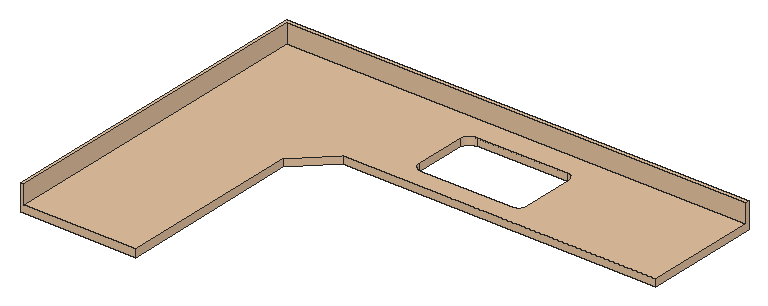
Revit family "Counter Top-L Shaped w Sink Hole 2 (NZ)", category 케이스워크, Revit 2026
Family settings
  작업 기준면 기반 = 아니오
  항상 수직 = 예
  로드될 때 보이드를 사용하여 절단 = 아니오
  공유 = 예
  룸 계산 점 = 아니오
Parameters (values of type "600mm Depth")
  기본 높이 = 0 mm
  Counter Thickness = 40 mm
  Counter Top Material = none
  깊이 = 625 mm
  Height [instance] = 900 mm
  Length - Leg 1 [instance] = 2500 mm
  Length - Leg 2 [instance] = 1800 mm
  Sink Location [instance] = 1100 mm
  Sink Location To Wall [instance] = 150 mm
  Sink Opening Depth [instance] = 378 mm
  Sink Opening Width [instance] = 587 mm
  Assembly Code = ""
Reference planes
  plane 1 "Back": y = 0
  plane 2: z = 0
  plane 3 "Left": x = -1200.462
  plane 4 "Right": x = 1299.538
  plane 5 "Front": y = -625
  plane 6 "Top": z = 900
  plane 7: z = 860
  plane 8: y = -19.05
  plane 9: z = 1001.6
  plane 10: x = -575.462
  plane 11: y = -1800
  plane 12: x = -1181.412
  plane 13: x = -397.662
  plane 14: y = -802.8
  plane 15: x = -100.462
  plane 16: x = 486.538
  plane 17: y = -150
  plane 18: y = -528
Forms (mm)
  Extrusion 1, solid, material <- "Counter Top Material"
    sketch origin (0, 0, 0) x (1, 0, 0) y (0, 1, 0)
      loop
        line (-1200.462, 0) -> (-1200.462, -1800) -> (-575.462, -1800) -> (-575.462, -802.8) -> (-397.662, -625) -> (1299.538, -625) -> (1299.538, 0) -> (-1200.462, 0)
      loop
        arc (-50.462, -150) -> (-85.818, -164.645) -> (-100.462, -200) r 50
        line (-100.462, -200) -> (-100.462, -478)
        arc (-100.462, -478) -> (-85.818, -513.355) -> (-50.462, -528) r 50
        line (-50.462, -528) -> (436.538, -528)
        arc (436.538, -528) -> (471.893, -513.355) -> (486.538, -478) r 50
        line (486.538, -478) -> (486.538, -200)
        arc (486.538, -200) -> (471.893, -164.645) -> (436.538, -150) r 50
        line (436.538, -150) -> (-50.462, -150)
    from 860 to 900
  Extrusion 2, solid, material <- "Counter Top Material"
    sketch origin (0, 0, 0) x (1, 0, 0) y (0, 1, 0)
      loop
        line (1299.538, 0) -> (-1200.462, 0) -> (-1200.462, -19.05) -> (1299.538, -19.05) -> (1299.538, 0)
    from 900 to 1001.6
  Extrusion 3, solid, material <- "Counter Top Material"
    sketch origin (0, 0, 0) x (1, 0, 0) y (0, 1, 0)
      loop
        line (-1200.462, -19.05) -> (-1200.462, -1800) -> (-1181.412, -1800) -> (-1181.412, -19.05) -> (-1200.462, -19.05)
    from 900 to 1001.6
Cuts and joins
  joined: Extrusion 1, Extrusion 2, Extrusion 3
Lines and regions (mm)
  Masking region 1
    outline origin (0, 0, 0) x (1, 0, 0) y (0, 1, 0)
      loop
        line (-1200.462, 0) -> (-1200.462, -1800) -> (-575.462, -1800) -> (-575.462, -802.8) -> (-397.662, -625) -> (1299.538, -625) -> (1299.538, 0) -> (-1200.462, 0)
      loop
        arc (-50.462, -150) -> (-85.818, -164.645) -> (-100.462, -200) r 50
        line (-100.462, -200) -> (-100.462, -478)
        arc (-100.462, -478) -> (-85.818, -513.355) -> (-50.462, -528) r 50
        line (-50.462, -528) -> (436.538, -528)
        arc (436.538, -528) -> (471.893, -513.355) -> (486.538, -478) r 50
        line (486.538, -478) -> (486.538, -200)
        arc (486.538, -200) -> (471.893, -164.645) -> (436.538, -150) r 50
        line (436.538, -150) -> (-50.462, -150)
  symbolic lines, style "Counter Top"
    curve 1: line (-1181.412, -19.05, 0) -> (1299.538, -19.05, 0)
    curve 2: line (-1181.412, -1800, 0) -> (-1181.412, -19.05, 0)
Dimensions and locks
  "깊이": plane 5 "Front" to plane 1 "Back"
  "Length - Leg 1": plane 3 "Left" to plane 4 "Right"
  "Height": level to plane 6 "Top"
  "Counter Thickness": plane 7 to plane 6 "Top"
  locked: plane 8 to plane 1 "Back" at 19.05
  plane 6 "Top" to plane 9 = 101.6 mm
  "깊이": plane 3 "Left" to plane 10
  "Length - Leg 2": plane 11 to plane 1 "Back"
  locked: plane 3 "Left" to plane 12 at 19.05
  locked: plane 14 to plane 5 "Front" at 177.8
  locked: plane 10 to plane 13 at 177.8
  "Sink Location To Wall": plane 17 to plane 1 "Back"
  "Sink Opening Depth": plane 17 to plane 18
  "Sink Location": plane 3 "Left" to plane 15
  "Sink Opening Width": plane 15 to plane 16
  aligned and locked: plane 1 "Back" to Extrusion 1 sketch curve
  aligned and locked: plane 4 "Right" to Extrusion 1 sketch curve
  aligned and locked: Extrusion 1 sketch curve to plane 5 "Front"
  aligned and locked: Extrusion 1 sketch curve to plane 3 "Left"
  aligned and locked: Extrusion 1 to plane 6 "Top"
  aligned and locked: Extrusion 1 to plane 7
  aligned and locked: Extrusion 2 sketch curve to plane 1 "Back"
  aligned and locked: plane 8 to Extrusion 2 sketch curve
  aligned and locked: Extrusion 2 sketch curve to plane 4 "Right"
  aligned and locked: plane 3 "Left" to Extrusion 2 sketch curve
  aligned and locked: Extrusion 2 to plane 9
  aligned and locked: plane 6 "Top" to Extrusion 2
  aligned and locked: plane 10 to Extrusion 1 sketch curve
  aligned and locked: plane 11 to Extrusion 1 sketch curve
  aligned and locked: plane 12 to Extrusion 3 sketch curve
  aligned and locked: Extrusion 3 to plane 8
  aligned and locked: plane 3 "Left" to Extrusion 3
  aligned and locked: Extrusion 3 to plane 9
  aligned and locked: plane 6 "Top" to Extrusion 3
  aligned and locked: Extrusion 1 sketch curve to plane 17
  aligned and locked: Extrusion 1 sketch curve to plane 18
  aligned and locked: Extrusion 1 sketch curve to plane 16
  aligned and locked: Extrusion 1 sketch curve to plane 15
Automatic sketch dimensions
  plane 3 "Left" to Extrusion 3 sketch curve = 0 mm
  plane 11 to Extrusion 3 sketch curve = 0 mm
  plane 1 "Back" to Extrusion 3 sketch curve = 19.05 mm
  curve 2 to plane 8 = 0 mm
  curve 2 to plane 11 = 0 mm
  curve 1 to plane 4 "Right" = 0 mm
  curve 1 to plane 3 "Left" = 19.05 mm
  Extrusion 1 sketch curve to plane 13 = 0 mm
  Extrusion 1 sketch curve to plane 14 = 0 mm
  plane 15 to Extrusion 1 sketch curve = 50 mm  (x2)
  Extrusion 1 sketch curve to plane 16 = 50 mm
  Extrusion 1 sketch curve to Extrusion 1 sketch curve = 50 mm
  Masking region 1 sketch curve to plane 1 "Back" = 0 mm
  Masking region 1 sketch curve to plane 4 "Right" = 0 mm
  Masking region 1 sketch curve to plane 10 = 0 mm
  Masking region 1 sketch curve to plane 5 "Front" = 0 mm
  Masking region 1 sketch curve to plane 13 = 0 mm
  Masking region 1 sketch curve to plane 14 = 0 mm
  Masking region 1 sketch curve to plane 11 = 0 mm
  Masking region 1 sketch curve to plane 3 "Left" = 0 mm
  plane 8 to Masking region 1 sketch curve = 130.95 mm
  Masking region 1 sketch curve to Masking region 1 sketch curve = 487 mm
  Masking region 1 sketch curve to plane 13 = 297.2 mm
  Masking region 1 sketch curve to Masking region 1 sketch curve = 50 mm  (x3)
  Masking region 1 sketch curve to plane 5 "Front" = 97 mm
  Masking region 1 sketch curve to Masking region 1 sketch curve = 0 mm
